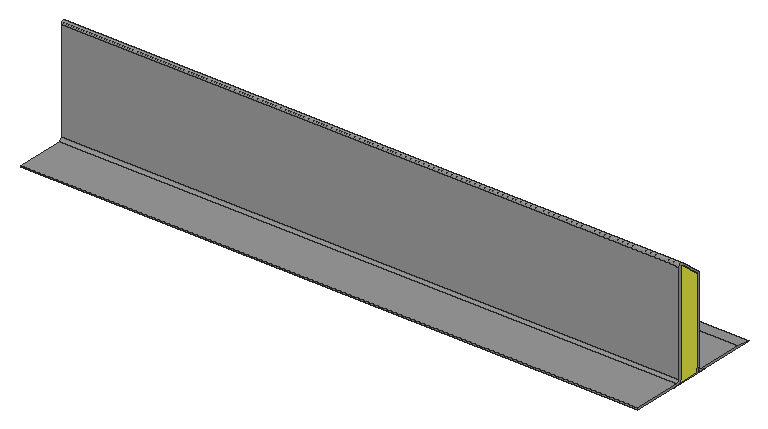
Revit family "XHD K 50 WOL", category Generic Models, Revit 2014
Parameters (values of type "Max lintel length 2100mm")
  URL = "http://www.keystonelintels.co.uk"
  Structural Opening [instance] = 900 mm
  Structural Performance = "The Keystone lintel range has safe working loads as detailed in each applicable loading table in the Keystone Lintel Guide brochure. The structural performance figures within each table have been ascertained by testing in accordance with the requirements of standards BS EN 5977-2: 1983 and BS EN 845-2: 2003."
  RIBA Productor Selector = "available for Keystone Lintels Ltd from Keystone Lintels Ltd from ribaproductselector.com"
  Model = "XHD/K 50 WOL"
  Min Length = 600 mm
  Min Clear Span = 300 mm
  Max Length = 2100 mm
  Max Clear Span = 2100 mm
  Material - Stainless Steel = "Grade 304 2b 1.4307 to BS EN 10088-2. Other grades available on request: contact manufacturer."
  Material - Galvanised Steel = "To BS EN 10346: 2009. DX51D plus Z600 or grade Z275 to BS 5977-2: 1983 (BS EN 845-2: 2003)."
  Manufacturer = "Keystone"
  Manufactured Length [instance] = (roundup(Effective Length / 150 mm) * 150 mm)  # 1200 mm
  Lintel height [instance] = 2100 mm
  Keynote = "F30/755"
  Fire Performance = "Keystone lintels have been subjected to a fire test (WARRES No. 101263) in accordance with BS 476-20: 1987, at Exova Warrington Fire and achieved a one hour fire performance."
  End Bearing = 150 mm
  Effective Length [instance] = Clear Opening with MIN MAX set + End Bearing * 2  # 1200 mm
  Corrosion = "Keystone’s standard range of lintels are manufactured from high quality grade pre-galvanized carbon steel with a zinc coating of 600"
  Contact Tel = "+44 (0)28 8676 2184"
  Contact Email = "info@keystonelintels.co.uk"
  Clear Opening with MIN MAX set [instance] = if(Structural Opening < Min Clear Span, Min Clear Span, (if(Structural Opening > Max Clear Span, Max Clear Span, Structural Opening)))  # 900 mm
  CPD Information = "Available for Keystone Lintels Ltd from ribacpd.com"
Reference planes
  plane 1 "Center (Front/Back)": y = 0
  plane 2: z = 0
  plane 3 "Center (Left/Right)": x = 0
  plane 4: x = -600
  plane 5: x = 600
  plane 6: z = 2100
  plane 7: x = -450
  plane 8: x = 450
Forms (mm)
  Extrusion 1, solid, material "Steel"
    sketch origin (0, 725.7, -506.216) x (0, 1, 0) y (0, 0, 1)
      loop
        line (-583.097, 2605.355) -> (-582.986, 2608.553) -> (-607.986, 2609.416) -> (-697.986, 2609.416)
        arc (-697.986, 2609.416) -> (-701.522, 2610.881) -> (-702.986, 2614.416) r 5
        line (-702.986, 2614.416) -> (-702.986, 2778.496)
        arc (-702.986, 2778.496) -> (-703.473, 2780.693) -> (-704.842, 2782.478) r 5.2
        line (-704.842, 2782.478) -> (-742.442, 2814.048)
        arc (-742.442, 2814.048) -> (-747.983, 2814.779) -> (-750.986, 2810.066) r 5.2
        line (-750.986, 2810.066) -> (-750.986, 2614.416)
        arc (-750.986, 2614.416) -> (-752.451, 2610.881) -> (-755.986, 2609.416) r 5
        line (-755.986, 2609.416) -> (-850.986, 2609.416) -> (-850.986, 2606.216) -> (-755.986, 2606.216)
        arc (-755.986, 2606.216) -> (-750.188, 2608.618) -> (-747.786, 2614.416) r 8.2
        line (-747.786, 2614.416) -> (-747.786, 2810.066)
        arc (-747.786, 2810.066) -> (-746.631, 2811.879) -> (-744.5, 2811.598) r 2
        line (-744.5, 2811.598) -> (-706.9, 2780.028)
        arc (-706.9, 2780.028) -> (-706.373, 2779.341) -> (-706.186, 2778.496) r 2
        line (-706.186, 2778.496) -> (-706.186, 2614.416)
        arc (-706.186, 2614.416) -> (-703.784, 2608.618) -> (-697.986, 2606.216) r 8.2
        line (-697.986, 2606.216) -> (-608.041, 2606.216) -> (-583.097, 2605.355)
    from -600 to 600
  Extrusion 2, solid, material "Steel"
    sketch origin (0, 725.7, -506.216) x (0, 1, 0) y (0, 0, 1)
      loop
        line (-764.486, 2605.216) -> (-689.486, 2605.216) -> (-689.486, 2606.216) -> (-706.486, 2606.216) -> (-706.486, 2614.216) -> (-707.486, 2614.216) -> (-707.486, 2606.216) -> (-764.486, 2606.216) -> (-764.486, 2605.216)
    from -600 to 600
  Extrusion 3, solid, material "Insulation"
    sketch origin (0, 725.7, -506.216) x (0, 1, 0) y (0, 0, 1)
      loop
        arc (-697.986, 2606.216) -> (-703.784, 2608.618) -> (-706.186, 2614.416) r 8.2
        line (-706.186, 2614.416) -> (-706.186, 2778.496)
        arc (-706.186, 2778.496) -> (-706.373, 2779.341) -> (-706.9, 2780.028) r 2
        line (-706.9, 2780.028) -> (-744.5, 2811.598)
        arc (-744.5, 2811.598) -> (-746.631, 2811.879) -> (-747.786, 2810.066) r 2
        line (-747.786, 2810.066) -> (-747.786, 2614.416)
        arc (-747.786, 2614.416) -> (-750.188, 2608.618) -> (-755.986, 2606.216) r 8.2
        line (-755.986, 2606.216) -> (-707.486, 2606.216) -> (-707.486, 2614.216) -> (-706.486, 2614.216) -> (-706.486, 2606.216) -> (-697.986, 2606.216)
    from -600 to 600
  Extrusion 4, solid, not visible
    sketch origin (0, 925.646, 1251.086) x (0, 1, 0) y (0, 0, 1)
      loop
        line (-583.097, 1005.355) -> (-582.986, 1008.553) -> (-607.986, 1009.416) -> (-697.986, 1009.416)
        arc (-697.986, 1009.416) -> (-701.522, 1010.881) -> (-702.986, 1014.416) r 5
        line (-702.986, 1014.416) -> (-702.986, 1178.496)
        arc (-702.986, 1178.496) -> (-703.473, 1180.693) -> (-704.842, 1182.478) r 5.2
        line (-704.842, 1182.478) -> (-742.442, 1214.048)
        arc (-742.442, 1214.048) -> (-747.983, 1214.779) -> (-750.986, 1210.066) r 5.2
        line (-750.986, 1210.066) -> (-750.986, 1014.416)
        arc (-750.986, 1014.416) -> (-752.451, 1010.881) -> (-755.986, 1009.416) r 5
        line (-755.986, 1009.416) -> (-850.986, 1009.416) -> (-850.986, 1006.216) -> (-755.986, 1006.216)
        arc (-755.986, 1006.216) -> (-750.188, 1008.618) -> (-747.786, 1014.416) r 8.2
        line (-747.786, 1014.416) -> (-747.786, 1210.066)
        arc (-747.786, 1210.066) -> (-746.631, 1211.879) -> (-744.5, 1211.598) r 2
        line (-744.5, 1211.598) -> (-706.9, 1180.028)
        arc (-706.9, 1180.028) -> (-706.373, 1179.341) -> (-706.186, 1178.496) r 2
        line (-706.186, 1178.496) -> (-706.186, 1014.416)
        arc (-706.186, 1014.416) -> (-703.784, 1008.618) -> (-697.986, 1006.216) r 8.2
        line (-697.986, 1006.216) -> (-608.041, 1006.216) -> (-583.097, 1005.355)
    from 0 to 250
  Extrusion 5, solid, not visible
    sketch origin (0, 553.437, 1318.29) x (0, 1, 0) y (0, 0, 1)
      loop
        arc (-697.986, 1006.216) -> (-703.784, 1008.618) -> (-706.186, 1014.416) r 8.2
        line (-706.186, 1014.416) -> (-706.186, 1178.496)
        arc (-706.186, 1178.496) -> (-706.373, 1179.341) -> (-706.9, 1180.028) r 2
        line (-706.9, 1180.028) -> (-744.5, 1211.598)
        arc (-744.5, 1211.598) -> (-746.631, 1211.879) -> (-747.786, 1210.066) r 2
        line (-747.786, 1210.066) -> (-747.786, 1014.416)
        arc (-747.786, 1014.416) -> (-750.188, 1008.618) -> (-755.986, 1006.216) r 8.2
        line (-755.986, 1006.216) -> (-707.486, 1006.216) -> (-707.486, 1014.216) -> (-706.486, 1014.216) -> (-706.486, 1006.216) -> (-697.986, 1006.216)
    from 0 to 250
  Extrusion 6, solid, not visible
    sketch origin (0, 924.674, 1019.495) x (0, 1, 0) y (0, 0, 1)
      loop
        line (-764.486, 1005.216) -> (-689.486, 1005.216) -> (-689.486, 1006.216) -> (-706.486, 1006.216) -> (-706.486, 1014.216) -> (-707.486, 1014.216) -> (-707.486, 1006.216) -> (-764.486, 1006.216) -> (-764.486, 1005.216)
    from 0 to 250
Dimensions and locks
  equal spacing: plane 4, plane 3 "Center (Left/Right)", plane 5
  "Manufactured Length": plane 4 to plane 5
  "Lintel height": plane 6 to level
  "Structural Opening": plane 7 to plane 8
  equal spacing: plane 7, plane 3 "Center (Left/Right)", plane 8
  aligned and locked: level to plane 2
  aligned and locked: Extrusion 1 to plane 6
  aligned and locked: Extrusion 3 to plane 6
  aligned and locked: plane 6 to Extrusion 2
  aligned and locked: plane 5 to Extrusion 1
  aligned and locked: Extrusion 1 to plane 4
  aligned and locked: plane 5 to Extrusion 3
  aligned and locked: Extrusion 3 to plane 4
  aligned and locked: plane 5 to Extrusion 2
  aligned and locked: Extrusion 2 to plane 4
Automatic sketch dimensions
  Extrusion 1 sketch curve to Extrusion 1 sketch curve = 89.945 mm
  Extrusion 1 sketch curve to Extrusion 1 sketch curve = 0.861 mm
  Extrusion 1 sketch curve to Extrusion 1 sketch curve = 0.055 mm
  Extrusion 1 sketch curve to Extrusion 1 sketch curve = 0.11 mm
  Extrusion 1 sketch curve to Extrusion 1 sketch curve = 3.198 mm
  Extrusion 1 sketch curve to Extrusion 1 sketch curve = 5 mm  (x2)
  Extrusion 1 sketch curve to Extrusion 1 sketch curve = 164.08 mm
  Extrusion 1 sketch curve to Extrusion 1 sketch curve = 2 mm
  Extrusion 1 sketch curve to Extrusion 1 sketch curve = 0.714 mm
  Extrusion 1 sketch curve to Extrusion 1 sketch curve = 37.6 mm
  Extrusion 1 sketch curve to Extrusion 1 sketch curve = 31.57 mm
  Extrusion 1 sketch curve to Extrusion 1 sketch curve = 0 mm  (x17)
  Extrusion 1 sketch curve to Extrusion 1 sketch curve = 2.058 mm  (x2)
  Extrusion 1 sketch curve to Extrusion 1 sketch curve = 2.451 mm
  Extrusion 1 sketch curve to Extrusion 1 sketch curve = 1.286 mm
  Extrusion 1 sketch curve to Extrusion 1 sketch curve = 1.532 mm
  Extrusion 1 sketch curve to Extrusion 1 sketch curve = 95 mm
  Extrusion 2 sketch curve to Extrusion 2 sketch curve = 17 mm
  Extrusion 2 sketch curve to Extrusion 2 sketch curve = 1 mm  (x2)
  Extrusion 2 sketch curve to Extrusion 2 sketch curve = 58 mm
  Extrusion 2 sketch curve to Extrusion 2 sketch curve = 8 mm
  Extrusion 2 sketch curve to Extrusion 2 sketch curve = 0 mm
  Extrusion 3 sketch curve to Extrusion 3 sketch curve = 8.2 mm  (x3)
  Extrusion 3 sketch curve to Extrusion 3 sketch curve = 0.3 mm
  Extrusion 3 sketch curve to Extrusion 3 sketch curve = 0 mm  (x3)
  Extrusion 3 sketch curve to Extrusion 3 sketch curve = 0.2 mm
  Extrusion 3 sketch curve to Extrusion 3 sketch curve = 1 mm
  Extrusion 3 sketch curve to Extrusion 3 sketch curve = 164.08 mm
  Extrusion 3 sketch curve to Extrusion 3 sketch curve = 48.5 mm
  Extrusion 3 sketch curve to Extrusion 3 sketch curve = 31.57 mm
  Extrusion 3 sketch curve to Extrusion 3 sketch curve = 2 mm
  Extrusion 3 sketch curve to Extrusion 3 sketch curve = 0.714 mm
  Extrusion 3 sketch curve to Extrusion 3 sketch curve = 3.286 mm
  Extrusion 3 sketch curve to Extrusion 3 sketch curve = 1.532 mm
  Extrusion 3 sketch curve to Extrusion 3 sketch curve = 8 mm
  Extrusion 4 sketch curve to Extrusion 4 sketch curve = 89.945 mm
  Extrusion 4 sketch curve to Extrusion 4 sketch curve = 0.861 mm
  Extrusion 4 sketch curve to Extrusion 4 sketch curve = 0.055 mm
  Extrusion 4 sketch curve to Extrusion 4 sketch curve = 0.11 mm
  Extrusion 4 sketch curve to Extrusion 4 sketch curve = 3.198 mm
  Extrusion 4 sketch curve to Extrusion 4 sketch curve = 5 mm  (x2)
  Extrusion 4 sketch curve to Extrusion 4 sketch curve = 0 mm  (x17)
  Extrusion 4 sketch curve to Extrusion 4 sketch curve = 164.08 mm
  Extrusion 4 sketch curve to Extrusion 4 sketch curve = 2 mm
  Extrusion 4 sketch curve to Extrusion 4 sketch curve = 0.714 mm
  Extrusion 4 sketch curve to Extrusion 4 sketch curve = 37.6 mm
  Extrusion 4 sketch curve to Extrusion 4 sketch curve = 31.57 mm
  Extrusion 4 sketch curve to Extrusion 4 sketch curve = 2.058 mm  (x2)
  Extrusion 4 sketch curve to Extrusion 4 sketch curve = 2.451 mm
  Extrusion 4 sketch curve to Extrusion 4 sketch curve = 1.286 mm
  Extrusion 4 sketch curve to Extrusion 4 sketch curve = 1.532 mm
  Extrusion 4 sketch curve to Extrusion 4 sketch curve = 95 mm
  Extrusion 5 sketch curve to Extrusion 5 sketch curve = 8.2 mm  (x3)
  Extrusion 5 sketch curve to Extrusion 5 sketch curve = 0.3 mm
  Extrusion 5 sketch curve to Extrusion 5 sketch curve = 0 mm  (x3)
  Extrusion 5 sketch curve to Extrusion 5 sketch curve = 0.2 mm
  Extrusion 5 sketch curve to Extrusion 5 sketch curve = 1 mm
  Extrusion 5 sketch curve to Extrusion 5 sketch curve = 164.08 mm
  Extrusion 5 sketch curve to Extrusion 5 sketch curve = 48.5 mm
  Extrusion 5 sketch curve to Extrusion 5 sketch curve = 31.57 mm
  Extrusion 5 sketch curve to Extrusion 5 sketch curve = 2 mm
  Extrusion 5 sketch curve to Extrusion 5 sketch curve = 0.714 mm
  Extrusion 5 sketch curve to Extrusion 5 sketch curve = 3.286 mm
  Extrusion 5 sketch curve to Extrusion 5 sketch curve = 1.532 mm
  Extrusion 5 sketch curve to Extrusion 5 sketch curve = 8 mm
  Extrusion 6 sketch curve to Extrusion 6 sketch curve = 17 mm
  Extrusion 6 sketch curve to Extrusion 6 sketch curve = 1 mm  (x2)
  Extrusion 6 sketch curve to Extrusion 6 sketch curve = 58 mm
  Extrusion 6 sketch curve to Extrusion 6 sketch curve = 8 mm
  Extrusion 6 sketch curve to Extrusion 6 sketch curve = 0 mm
  Extrusion 3 sketch curve to plane 6 = 0 mm
  plane 1 "Center (Front/Back)" to Extrusion 3 sketch curve = 30.286 mm
  Extrusion 1 sketch curve to plane 6 = 0 mm
  plane 1 "Center (Front/Back)" to Extrusion 1 sketch curve = 125.286 mm
  Extrusion 2 sketch curve to plane 6 = 0 mm
  plane 1 "Center (Front/Back)" to Extrusion 2 sketch curve = 38.786 mm
